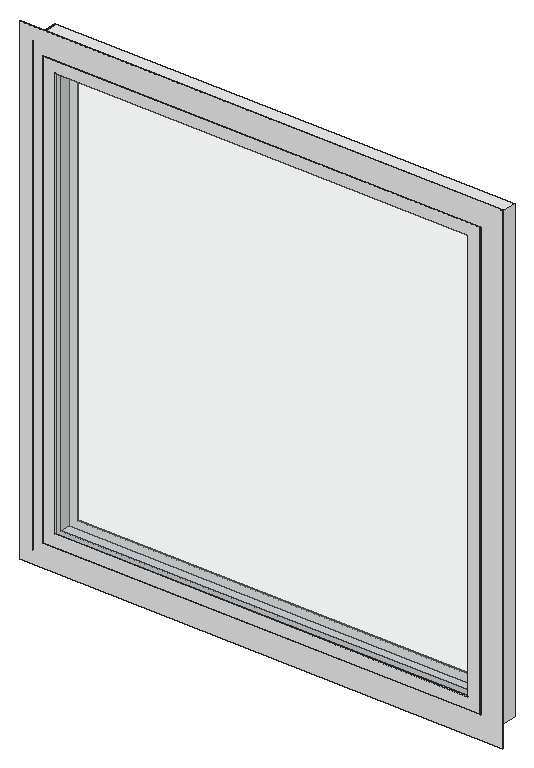
Revit family "Casement_38_B_Top_Hung_Custom", category Windows, host Wall, Revit 2014
Parameters (values of type "Casement_Sash_DG")
  Width Sash [instance] = 30 mm
  Width Sash Inner = 15 mm
  Width Bead = 15 mm
  Top Hung [instance] = yes
  Side Hung Right [instance] = yes
  Side Hung Left [instance] = yes
  Sash Opening Width [instance] = 600 mm
  Sash Opening Height [instance] = 600.312 mm
  Sash Lip = 15 mm
  Glazing Material [instance] = Glass
  DG Start Piece 2 [instance] = DG End Piece 1 + DG Gasket Thickness  # 25 mm
  DG Start Peice 1 [instance] = (Depth Sash - (2 * DG Glazing Thickness) - DG Gasket Thickness) / 2  # 6.6 mm
  Glazing Offset = 5 mm
  DG Glazing Thickness [instance] = 6.4 mm
  DG Gasket Thickness = 12 mm  # constant formula
  DG Gasket Material [instance] = none
  DG End Piece 2 [instance] = DG Start Piece 2 + DG Glazing Thickness  # 31.4 mm
  DG End Piece 1 [instance] = DG Start Peice 1 + DG Glazing Thickness  # 13 mm
  Depth Sash [instance] = 38 mm
  Center Vertical Sash [instance] = Sash Opening Height / 2  # 300.156 mm
  Center Horizontal Sash [instance] = Sash Opening Width / 2  # 300 mm
  Bottom Hung [instance] = yes
  Bead Offset = 15 mm
  Aluminium Thickness = 1 mm
  Aluminium Material [instance] = White Powder Coated Aluminium
Reference planes
  plane 1 "Center (Front/Back)": y = 0
  plane 2: z = 0
  plane 3 "Center (Left/Right)": x = 0
Forms (mm)
  Sweep 1, solid, material "White Powder Coated Aluminium" <- "Aluminium Material"
    path origin (16.177, 0, 121.331) x (1, 0, 0) y (0, 0, 1)
      loop
        line (0, 0) -> (600, 0) -> (600, 600.312) -> (0, 600.312) -> (0, 0)
    profile origin (316.177, 0, 121.331) x (0, 0, 1) y (0, -1, 0)
      loop
        line (0, 0) -> (30, 0) -> (30, 1) -> (15, 1) -> (15, 38) -> (-15, 38) -> (-15, 37) -> (0, 37) -> (0, 0)
      loop
        line (14, 1) -> (14, 37) -> (1, 37) -> (1, 1) -> (14, 1)
  Sweep 2, solid, material "White Powder Coated Aluminium" <- "Aluminium Material"
    path origin (0, 0, 0) x (1, 0, 0) y (0, 0, 1)
      loop
        line (31.177, 706.643) -> (31.177, 136.331) -> (601.177, 136.331) -> (601.177, 706.643) -> (31.177, 706.643)
    profile origin (316.177, 0, 706.643) x (0, 0, 1) y (0, -1, 0)
      loop
        line (0, 37) -> (0, 38) -> (-15, 38) -> (-15, 37) -> (0, 37)
  Extrusion 3, solid, material "Glass" <- "Glazing Material"
    sketch origin (0, 0, 0) x (1, 0, 0) y (0, 0, 1)
      loop
        line (36.177, 701.643) -> (36.177, 141.331) -> (596.177, 141.331) -> (596.177, 701.643) -> (36.177, 701.643)
    from 6.6 <- "DG Start Peice 1" to 13 <- "DG End Piece 1"
  Extrusion 4, solid, material "Glass" <- "Glazing Material"
    sketch origin (0, 0, 0) x (1, 0, 0) y (0, 0, 1)
      loop
        line (36.177, 701.643) -> (36.177, 141.331) -> (596.177, 141.331) -> (596.177, 701.643) -> (36.177, 701.643)
    from 31.4 <- "DG End Piece 2" to 25 <- "DG Start Piece 2"
  Sweep 5, solid, material <- "DG Gasket Material"
    path origin (0, -13, 0) x (1, 0, 0) y (0, 0, 1)
      loop
        line (36.177, 701.643) -> (36.177, 141.331) -> (596.177, 141.331) -> (596.177, 701.643) -> (36.177, 701.643)
    profile origin (316.177, -13, 701.643) x (0, 0, 1) y (0, -1, 0)
      loop
        line (0, 0) -> (0, 12) -> (-7.96, 12) -> (-7.96, 0) -> (0, 0)
Lines and regions (mm)
  model lines
    curve 1: line (1.177, -38, 736.643) -> (31.177, -38, 706.643)
    curve 2: line (601.177, -38, 706.643) -> (631.177, -38, 736.643)
    curve 3: line (601.177, -38, 136.331) -> (631.177, -38, 106.331)
    curve 4: line (1.177, -38, 106.331) -> (31.177, -38, 136.331)
    curve 5: line (631.177, -37, 736.643) -> (616.177, -37, 721.643)
    curve 6: line (1.177, -37, 736.643) -> (16.177, -37, 721.643)
    curve 7: line (1.177, -37, 106.331) -> (16.177, -37, 121.331)
    curve 8: line (631.177, -37, 106.331) -> (616.177, -37, 121.331)
    curve 9: line (616.177, 0, 121.331) -> (586.177, 0, 151.331)
    curve 10: line (46.177, 0, 151.331) -> (16.177, 0, 121.331)
    curve 11: line (616.177, 0, 721.643) -> (586.177, 0, 691.643)
    curve 12: line (46.177, 0, 691.643) -> (16.177, 0, 721.643)
    curve 13: line (31.177, -38, 691.643) -> (46.177, -38, 691.643)
    curve 14: line (586.177, -38, 691.643) -> (601.177, -38, 691.643)
    curve 15: line (586.177, -38, 151.331) -> (601.177, -38, 151.331)
    curve 16: line (31.177, -38, 151.331) -> (46.177, -38, 151.331)
  model lines, style "GenericModelHiddenLines", visible <- "Top Hung"
    curve 17: line (46.386, -31.4, 690.914) -> (316.177, -31.4, 151.331)
    curve 18: line (316.177, -31.4, 151.331) -> (586.177, -31.4, 691.331)
  model lines, style "GenericModelHiddenLines", visible <- "Bottom Hung"
    curve 19: line (46.177, -31.4, 151.331) -> (316.177, -31.4, 691.331)
    curve 20: line (316.177, -31.4, 691.331) -> (586.177, -31.4, 151.331)
  model lines, style "GenericModelHiddenLines", visible <- "Side Hung Left"
    curve 21: line (46.386, -31.4, 690.914) -> (585.24, -31.4, 421.487)
    curve 22: line (585.24, -31.4, 421.487) -> (46.177, -31.4, 151.331)
  model lines, style "GenericModelHiddenLines", visible <- "Side Hung Right"
    curve 23: line (586.177, -31.4, 691.331) -> (46.177, -31.4, 421.487)
    curve 24: line (46.177, -31.4, 421.487) -> (586.177, -31.4, 151.331)
Dimensions and locks
  "Aluminium Thickness": Sweep 1 sketch curve to Sweep 1 sketch curve  (x4)
  "Depth Sash": Sweep 1 sketch curve to Sweep 1 sketch curve
  "Sash Opening Width": Sweep 1 to Sweep 1
  "Sash Opening Height": Sweep 1 to Sweep 1
  "Width Sash": Sweep 1 sketch curve to Sweep 1 sketch curve  (x2)
  "Width Sash Inner": Sweep 1 sketch curve to Sweep 1 sketch curve
  "Sash Lip": Sweep 1 sketch curve to Sweep 1 sketch curve
  "Aluminium Thickness": Sweep 1 to Sweep 2 sketch curve
  "Glazing Offset": Sweep 2 to Extrusion 3 sketch curve  (x3)
  "Glazing Offset": Extrusion 3 sketch curve to Sweep 2
  Sweep 1 to Sweep 1 = 1 mm
  "Aluminium Thickness": Sweep 2 sketch curve to Sweep 2 sketch curve
  "Width Bead": Sweep 2 sketch curve to Sweep 2 sketch curve
  locked: Sweep 5 sketch curve to Sweep 5 sketch curve at 7.96
  "Center Horizontal Sash": Sweep 1 to curve 18
  "Center Horizontal Sash": Sweep 1 to curve 20
  "Center Vertical Sash": Sweep 1 to curve 22
  "Center Vertical Sash": Sweep 1 to curve 24
  aligned and locked: level to plane 2
  aligned and locked: Sweep 1 sketch curve to Sweep 1 sketch curve  (x2)
  aligned and locked: Sweep 2 sketch curve to Sweep 1  (x5)
  aligned and locked: Extrusion 4 sketch curve to Extrusion 3  (x4)
  aligned and locked: Sweep 5 sketch curve to Extrusion 3  (x5)
  aligned and locked: Extrusion 3 to Sweep 5 sketch curve
Automatic sketch dimensions
  plane 3 "Center (Left/Right)" to Sweep 1 sketch curve = 16.177 mm
  level to Sweep 1 sketch curve = 121.331 mm
  plane 3 "Center (Left/Right)" to Sweep 1 sketch curve = 616.177 mm
  level to Sweep 1 sketch curve = 721.643 mm
  profile plane to Sweep 5 sketch curve = 12 mm
  curve 7 to Sweep 1 = 0 mm  (x4)
  curve 6 to Sweep 1 = 0 mm  (x3)
  Sweep 1 to curve 6 = 0 mm
  curve 5 to Sweep 1 = 0 mm  (x3)
  curve 8 to Sweep 1 = 0 mm  (x4)
  Sweep 1 to curve 5 = 0 mm
  curve 16 to Sweep 2 = 0 mm  (x3)
  curve 13 to Sweep 2 = 0 mm  (x3)
  curve 15 to Sweep 2 = 0 mm
  Sweep 2 to curve 15 = 0 mm  (x2)
  curve 14 to Sweep 2 = 0 mm  (x2)
  Sweep 2 to curve 14 = 0 mm
  curve 1 to Sweep 1 = 0 mm  (x4)
  curve 4 to Sweep 1 = 0 mm  (x3)
  Sweep 1 to curve 4 = 0 mm
  curve 3 to Sweep 1 = 0 mm  (x3)
  curve 2 to Sweep 1 = 0 mm  (x4)
  Sweep 1 to curve 3 = 0 mm
  curve 10 to Sweep 1 = 0 mm  (x4)
  curve 12 to Sweep 1 = 0 mm  (x3)
  Sweep 1 to curve 12 = 0 mm
  curve 9 to Sweep 1 = 0 mm  (x4)
  curve 11 to Sweep 1 = 0 mm  (x3)
  Sweep 1 to curve 11 = 0 mm
  Sweep 1 sketch curve to plane 1 "Center (Front/Back)" = 0 mm
  profile plane to Sweep 1 sketch curve = 0 mm
  curve 21 to Extrusion 4 = 10.208 mm
  curve 19 to Extrusion 4 = 10 mm
  curve 23 to Extrusion 4 = 10 mm  (x2)
  curve 22 to Extrusion 4 = 10.937 mm
  curve 20 to Extrusion 4 = 10 mm
  curve 24 to Extrusion 4 = 10 mm
  curve 22 to Extrusion 4 = 10 mm
  curve 18 to Extrusion 4 = 10 mm
  curve 21 to Extrusion 4 = 10.729 mm
  curve 19 to Extrusion 4 = 10.312 mm
  curve 18 to Extrusion 4 = 10.312 mm
